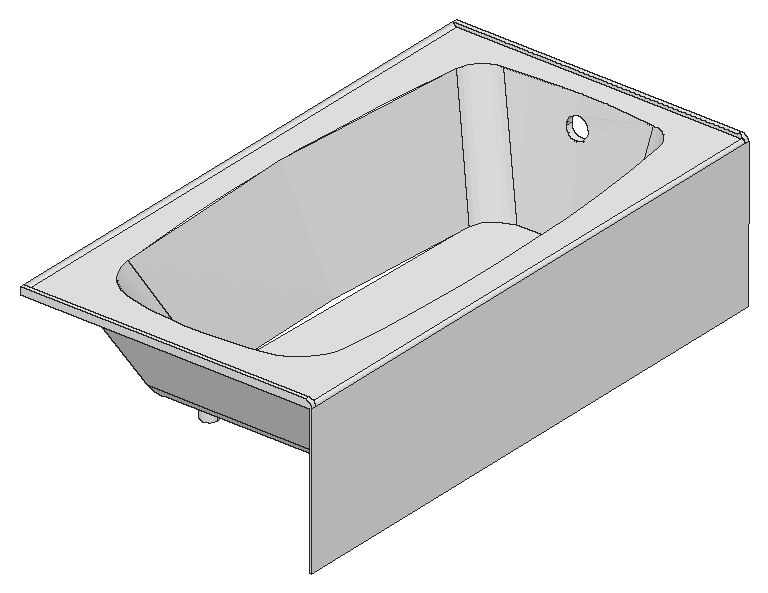
Revit family "Bathtub_Commercial_FBY1525RP_TOTO", category Plumbing Fixtures, host Face, Revit 2013
Parameters
  ecoScorecard_data = " "
  ecoScorecard Product Page = "  "
  Width = 32"
  Waste Connection NPT Radius = Waste Connection NPT / 2  # 1"
  Waste Connection NPT = 2"
  Warranty URL = "http://www.totousa.com/warranty-registration"
  Warranty = "Lifetime Limited Warranty"  # constant formula
  URL = "http://www.totousa.com"
  Toto BIM Number = "BM-00009"  # constant formula
  Subcategory = "Bathtubs"  # constant formula
  Style = "Commercial"  # constant formula
  Spec Sheet URL = "http://assets.totousa.com/product-files/SS-00313_FBY1525LP_RP.pdf"
  Shipping Weight = 397.00 lbf
  Product Page URL = " "
  Owners Manual URL = "  "
  Model = "FBY1525RP"  # constant formula
  Manufacturer Toll Free Phone = "1-888-295-8134"  # constant formula
  Manufacturer Phone = "(770) 282-8686"  # constant formula
  Manufacturer Fax = "(770) 282-0002"  # constant formula
  Manufacturer Email = "mailto:custservice@totousa.com"
  Manufacturer Address = "1155 Southern Road, Morrow, Georgia 30260"  # constant formula
  Manufacturer = "TOTO USA, Inc."  # constant formula
  Height = 17 5/16"
  Finish = Metal - TOTO - Chrome - Polished
  Description = "Enameled Cast Iron Bathtub"  # constant formula
  Depth = 59 3/4"
  Default Elevation = 48"
  Cost Info = "mailto:custservice@totousa.com "
  Color Availability = "#01  Cotton, #12  Sedona Beige"  # constant formula
  CAD Drawing URL = "http://assets.totousa.com/product-files/AD-00161_FBY1525RP.dxf"
  Assembly Code = "D2010510"
  Ambient Temperature = ""
  ADA Compliant = yes
  95 CSI = "15410\r\n15410\r\n15410 "
  04 CSI = "22 42 19"
Reference planes (in)
  plane 1 "Center (Front/Back)": y = 0
  plane 2: z = 0
  plane 3 "Center (Left/Right)": x = 0
Dimensions and locks (in)
  aligned and locked: plane 2 to host face
  aligned and locked: level to host face
  aligned and locked: plane 3 "Center (Left/Right)" to nested 1
  aligned and locked: nested 1 to plane 1 "Center (Front/Back)"
Nested families (in)
  nested 1: "FBY1525RP" at (0, 29.875, 0), type "FBY1525RP"
    with Waste Connection Radius 1", Waste Connection NPT 2"
Connectors (in)
  piping at (0, 22, 0.3125), driven by "Waste Connection NPT Radius"
    settings: on nested 1, index 1, connector radius 1", flow factor 0, pipe flow 0 GPM, pressure drop 0.00 psi, fitting loss kfactor 0, connector angle 0.00°, fixture units 0, engagement length 0", flow configuration 3, flow direction 2, fitting loss method 0, system type 16, joint type 0, gender type 0, connector reference index -1, connector utility 0, adjustable connector no, is connector primary yes, fitting loss table "", connector description "Waste Outlet Connection"
Definition of nested family "FBY1525RP"
  Parameters (values of type "FBY1525RP")
    ecoScorecard_data = ""
    ecoScorecard Product Page = ""
    Waste Connection Radius [instance] = Waste Connection NPT / 2  # 1"
    Waste Connection NPT [instance] = 2"
    Waste Connection = yes
    WFU = 0
    Vent Connection = yes
    URL = "http://www.totousa.com"
    Toto Version = "V.02"  # constant formula
    Toto BIM Number = "BM-00009"  # constant formula
    Subcategory = "Baths"  # constant formula
    Shipping Weight = 397.00 lbf
    Product URL = "http://www.totousa.com/ProductDetail/tabid/75/Default.aspx?ProductId=09a93d19-4914-4892-9a9f-988590e10764&SearchId=19dc3623-2f06-4317-bdc8-9ef9d17bdd1b"
    Nominal Width = 32"  # constant formula
    Nominal Length = 59 3/4"  # constant formula
    Nominal Height = 17 5/16"  # constant formula
    Model = "FBY1525RP"
    Manufacturer = "TOTO USA, Inc."  # constant formula
    HWFU = 0
    HW Connection = no
    Description = "Enameled Cast Iron Bathtub"
    Default Elevation = 0"
    CWFU = 0
    CW Connection = no
    CADworks URL = "http://www.CADworks.net"
    Bathtub Material = Metal - TOTO - Chrome - Polished
    Assembly Code = "D2010510"
    ADA Compliant = yes
  Reference planes (in)
    plane 1 "Wall Closure": y = 0
    plane 2: z = 0
    plane 3 "Center (Left/Right)": x = 0
    plane 4: x = 16
    plane 5: x = -16
    plane 6: y = -7.875
    plane 7: y = -12.875
    plane 8: y = -43.375
    plane 9: x = 8.375
    plane 10: x = -8.375
    plane 11: z = 17.3125
    plane 12: y = -59.75
    plane 13: z = 13.75
    plane 14: y = -5
    plane 15: x = 15.75
    plane 16: y = -29.875
  Forms (in)
    Extrusion 1, solid
      sketch origin (0, 0, 0) x (1, 0, 0) y (0, 1, 0)
        loop
          line (-36, 24) -> (-36, -84) -> (36, -84) -> (36, 24) -> (-36, 24)
      from 0 to -2
    Extrusion 2, solid, material "Metal - TOTO - Chrome - Polished" <- "Bathtub Material", detail levels medium+fine
      sketch origin (0, 0, 0) x (1, 0, 0) y (0, 0, 1)
        loop
          line (-16, 0) -> (16, 0) -> (16, 16.5625)
          arc (16, 16.5625) -> (15.78033, 17.09283) -> (15.25, 17.3125) r 0.75
          line (15.25, 17.3125) -> (-16, 17.3125) -> (-16, 0)
      from 0 to 59.75
    Extrusion 3, void, detail levels medium+fine
      sketch origin (0, 0, 0) x (1, 0, 0) y (0, 0, 1)
        loop
          arc (11.00274, 4.74264) -> (10.20051, 3.15985) -> (8.57707, 2.44343) r 2.63779
          line (8.57707, 2.44343) -> (7.82364, 2.38867)
          arc (7.82364, 2.38867) -> (7.02023, 1.82329) -> (6.06566, 1.5911) r 2.63779
          line (6.06566, 1.5911) -> (-6.07347, 1.5911)
          arc (-6.07347, 1.5911) -> (-7.02804, 1.82329) -> (-7.83145, 2.38867) r 2.63779
          line (-7.83145, 2.38867) -> (-8.58488, 2.44343)
          arc (-8.58488, 2.44343) -> (-10.20832, 3.15985) -> (-11.01055, 4.74264) r 2.63779
          line (-11.01055, 4.74264) -> (-13.37625, 16.5) -> (-16, 16.5) -> (-16, 0) -> (16, 0) -> (16, 0.4) -> (15.75, 0.4) -> (15.75, 16.5) -> (13.39862, 16.5) -> (11.00274, 4.74264)
      from 0 to 59.75
    Extrusion 4, void
      sketch origin (16, 0, 48) x (0, 1, 0) y (0, 0, 1)
        loop
          line (-2.54244, -32.04846) -> (-3.65758, -44.23769)
          arc (-3.65758, -44.23769) -> (-4.53273, -45.96958) -> (-6.35581, -46.6342) r 2.63779
          line (-6.35581, -46.6342) -> (-10.02172, -46.53492) -> (-45.01798, -45.58718)
          arc (-45.01798, -45.58718) -> (-46.99808, -45.03132) -> (-48.47905, -43.60424) r 4.21259
          line (-48.47905, -43.60424) -> (-55.77321, -31.90043)
          arc (-55.77321, -31.90043) -> (-56.01029, -31.64618) -> (-56.32571, -31.5) r 0.90551
          line (-56.32571, -31.5) -> (-59.75, -31.5) -> (-59.75, -48) -> (0, -48) -> (0, -31.5) -> (-2.19225, -31.5)
          arc (-2.19225, -31.5) -> (-2.43402, -31.73166) -> (-2.54244, -32.04846) r 0.70866
      from -0.25 to -32
    SweptBlend 5, void
      path origin (0, 0, 0) x (0, 1, 0) y (0, 0, 1)
        loop
          line (-29.875, 17.3125) -> (-29.875, 3.0625)
      profile origin (0, -29.875, 17.3125) x (1, 0, 0) y (0, 1, 0)
        loop
          arc (12.17808, -20.17319) -> (12.9784, 1.83119) -> (11.19886, 23.77808) r 187.8833
          arc (11.19886, 23.77808) -> (10.2259, 25.67562) -> (8.28623, 26.56164) r 3.25
          arc (8.28623, 26.56164) -> (0, 26.95232) -> (-8.28623, 26.56164) r 88.06888
          arc (-8.28623, 26.56164) -> (-10.2259, 25.67562) -> (-11.19886, 23.77808) r 3.25
          arc (-11.19886, 23.77808) -> (-12.9784, 1.83119) -> (-12.17808, -20.17319) r 187.8833
          arc (-12.17808, -20.17319) -> (-10.69996, -23.55114) -> (-7.50628, -25.39391) r 5.9055
          arc (-7.50628, -25.39391) -> (0, -26.16923) -> (7.50628, -25.39391) r 36.72366
          arc (7.50628, -25.39391) -> (10.69996, -23.55114) -> (12.17808, -20.17319) r 5.9055
      end profile origin (0, -29.875, 3.0625) x (1, 0, 0) y (0, 1, 0)
        loop
          arc (9.27988, -11.79941) -> (9.64682, 5.14022) -> (8.39784, 22.03772) r 177.60061
          arc (8.39784, 22.03772) -> (7.42243, 23.98841) -> (5.4335, 24.88326) r 3.25
          arc (5.4335, 24.88326) -> (0, 25.10238) -> (-5.4335, 24.88326) r 67.47796
          arc (-5.4335, 24.88326) -> (-7.42243, 23.98841) -> (-8.39784, 22.03772) r 3.25
          arc (-8.39784, 22.03772) -> (-9.64682, 5.14022) -> (-9.27988, -11.79941) r 177.60061
          arc (-9.27988, -11.79941) -> (-8.44827, -13.95862) -> (-6.54732, -15.27776) r 3.937
          arc (-6.54732, -15.27776) -> (0, -16.29539) -> (6.54732, -15.27776) r 21.57107
          arc (6.54732, -15.27776) -> (8.44827, -13.95862) -> (9.27988, -11.79941) r 3.937
    Extrusion 6, void
      sketch origin (0, 0, 0) x (0, 1, 0) y (1, 0, 0)
        loop
          circle (-7.875, 0) r 1
      from 0 to -3.0625
    Extrusion 7, solid, material "Metal - TOTO - Chrome - Polished" <- "Bathtub Material", detail levels medium+fine
      sketch origin (0, 0, 0) x (1, 0, 0) y (0, 1, 0)
        loop
          circle (8.375, -43.375) r 0.875
        loop
          circle (-8.375, -43.375) r 0.875
      from 0 to 2.62906
    Extrusion 8, solid, material "Metal - TOTO - Chrome - Polished" <- "Bathtub Material", detail levels medium+fine
      sketch origin (0, 0, 0) x (1, 0, 0) y (0, 1, 0)
        loop
          circle (8.375, -12.875) r 0.875
        loop
          circle (-8.375, -12.875) r 0.875
      from 0 to 2.38867
    Extrusion 9, void, detail levels fine
      sketch origin (0, 0, 0) x (1, 0, 0) y (0, 0, 1)
        loop
          circle (0, 13.75) r 1.1875
      from 0 to 5
    Revolve 10, solid, material "Metal - TOTO - Chrome - Polished" <- "Bathtub Material", detail levels medium+fine
      sketch origin (51, -7.875, 48) x (1, 0, 0) y (0, 0, 1)
        loop
          line (-50, -46.4089) -> (-50, -47.6875) -> (-49.75, -47.6875) -> (-49.75, -46.9375)
          arc (-49.75, -46.9375) -> (-49.59518, -46.56372) -> (-49.2214, -46.4089) r 0.5286
          line (-49.2214, -46.4089) -> (-50, -46.4089)
        axis (-51, -46.4089) -> (-51, -47.6875)
      angle from 0 to 360
    Extrusion 11, void
      sketch origin (51, -7.875, 48) x (-1, 0, 0) y (0, 0, 1)
        loop
          arc (66.625, -31.0625) -> (66.89017, -30.95267) -> (67, -30.6875) r 0.375
          line (67, -30.6875) -> (35, -30.6875) -> (35, -31.4375)
          arc (35, -31.4375) -> (35.10983, -31.17233) -> (35.375, -31.0625) r 0.375
          line (35.375, -31.0625) -> (66.625, -31.0625)
      from 7.4375 to -51.4375
    Extrusion 12, solid, material "Metal - TOTO - Chrome - Polished" <- "Bathtub Material", detail levels coarse
      sketch origin (0, -59.75, 17.3125) x (1, 0, 0) y (0, -1, 0)
        loop
          line (-16, -59.75) -> (16, -59.75) -> (16, 0) -> (-16, 0) -> (-16, -59.75)
      from 17.3125 to 0
  Cuts and joins
    Extrusion 3, Extrusion 4, SweptBlend 5, Extrusion 6, Extrusion 9, Extrusion 11 cuts Extrusion 2
  Lines and regions (in)
    symbolic lines, detail levels medium+fine
      curve 1: arc (-8.39784, -7.83728, 17.3125) -> (-9.64682, -24.73478, 17.3125) -> (-9.27988, -41.67441, 17.3125) r 177.60061
      curve 2: arc (-5.4335, -4.99174, 17.3125) -> (-7.42243, -5.88659, 17.3125) -> (-8.39784, -7.83728, 17.3125) r 3.25
      curve 3: arc (5.4335, -4.99174, 17.3125) -> (0, -4.77262, 17.3125) -> (-5.4335, -4.99174, 17.3125) r 67.47796
      curve 4: arc (8.39784, -7.83728, 17.3125) -> (7.42243, -5.88659, 17.3125) -> (5.4335, -4.99174, 17.3125) r 3.25
      curve 5: arc (8.28623, -3.31336, 17.3125) -> (10.2259, -4.19938, 17.3125) -> (11.19886, -6.09692, 17.3125) r 3.25
      curve 6: arc (9.27988, -41.67441, 17.3125) -> (9.64682, -24.73478, 17.3125) -> (8.39784, -7.83728, 17.3125) r 177.60061
      curve 7: arc (11.19886, -6.09692, 17.3125) -> (12.9784, -28.04381, 17.3125) -> (12.17808, -50.04819, 17.3125) r 187.8833
      curve 8: arc (-8.28623, -3.31336, 17.3125) -> (0, -2.92268, 17.3125) -> (8.28623, -3.31336, 17.3125) r 88.06888
      curve 9: arc (-11.19886, -6.09692, 17.3125) -> (-10.2259, -4.19938, 17.3125) -> (-8.28623, -3.31336, 17.3125) r 3.25
      curve 10: arc (-12.17808, -50.04819, 17.3125) -> (-12.9784, -28.04381, 17.3125) -> (-11.19886, -6.09692, 17.3125) r 187.8833
      curve 11: arc (-9.27988, -41.67441, 17.3125) -> (-8.44827, -43.83362, 17.3125) -> (-6.54732, -45.15276, 17.3125) r 3.937
      curve 12: arc (-6.54732, -45.15276, 17.3125) -> (0, -46.17039, 17.3125) -> (6.54732, -45.15276, 17.3125) r 21.57107
      curve 13: arc (-7.50628, -55.26891, 17.3125) -> (-10.69996, -53.42614, 17.3125) -> (-12.17808, -50.04819, 17.3125) r 5.9055
      curve 14: arc (7.50628, -55.26891, 17.3125) -> (0, -56.04423, 17.3125) -> (-7.50628, -55.26891, 17.3125) r 36.72366
      curve 15: arc (12.17808, -50.04819, 17.3125) -> (10.69996, -53.42614, 17.3125) -> (7.50628, -55.26891, 17.3125) r 5.9055
      curve 16: arc (6.54732, -45.15276, 17.3125) -> (8.44827, -43.83362, 17.3125) -> (9.27988, -41.67441, 17.3125) r 3.937
      curve 17: circle (0, -7.875, 17.3125) r 1 normal (0, 0, -1)
      curve 18: line (-13.37626, -2.19231, 17.3125) -> (13.39862, -2.19231, 17.3125)
      curve 19: line (-13.37626, -56.32571, 17.3125) -> (-13.37626, -2.19231, 17.3125)
      curve 20: line (13.39862, -56.32571, 17.3125) -> (-13.37626, -56.32571, 17.3125)
      curve 21: line (13.39862, -2.19231, 17.3125) -> (13.39862, -56.32571, 17.3125)
      curve 26: spline (-1.18333, -3.40235, 17.3125) -> (-1.16482, -3.35875, 17.3125) -> (-1.0586, -3.31746, 17.3125) -> (-0.87267, -3.28159, 17.3125) -> (-0.62103, -3.25385, 17.3125) -> (-0.32263, -3.23633, 17.3125) -> (0.00007, -3.23034, 17.3125) -> (0.32277, -3.23633, 17.3125) -> (0.62115, -3.25386, 17.3125) -> (0.87277, -3.28161, 17.3125) -> (1.05867, -3.31747, 17.3125) -> (1.16485, -3.35877, 17.3125) -> (1.18331, -3.40237, 17.3125)
      curve 27: line (1.18331, -3.40237, 17.3125) -> (-1.18333, -3.40235, 17.3125)
      curve 28: spline (-1.18333, -3.40235, 17.3125) -> (-1.14573, -3.36075, 17.3125) -> (-1.02899, -3.3219, 17.3125) -> (-0.84118, -3.2885, 17.3125) -> (-0.59527, -3.26284, 17.3125) -> (-0.30825, -3.2467, 17.3125) -> (0.00007, -3.2412, 17.3125) -> (0.30838, -3.24671, 17.3125) -> (0.59539, -3.26285, 17.3125) -> (0.84127, -3.28851, 17.3125) -> (1.02905, -3.32192, 17.3125) -> (1.14575, -3.36077, 17.3125) -> (1.18331, -3.40237, 17.3125)
      curve 29: line (1.1875, -3.3937, 17.3125) -> (-1.1875, -3.3937, 17.3125)
      curve 30: line (15.25, -7.875, 17.3125) -> (-16, -7.875, 17.3125)
      curve 31: line (-16, -7.875, 17.3125) -> (-16, -7.875, 16.5)
      curve 32: line (-16, -7.875, 16.5) -> (15.75, -7.875, 16.5)
      curve 33: line (15.75, -7.875, 16.5) -> (15.75, -7.875, 0.4)
      curve 34: line (15.75, -7.875, 0.4) -> (16, -7.875, 0.4)
      curve 35: line (16, -7.875, 0.4) -> (16, -7.875, 16.5625)
      curve 36: arc (16, -7.875, 16.5625) -> (15.78033, -7.875, 17.09283) -> (15.25, -7.875, 17.3125) r 0.75
      curve 37: line (-11.01055, -7.875, 4.74264) -> (-13.37625, -7.875, 16.5)
      curve 38: arc (-8.58488, -7.875, 2.44343) -> (-10.20832, -7.875, 3.15985) -> (-11.01055, -7.875, 4.74264) r 2.63779
      curve 39: line (-7.83145, -7.875, 2.38867) -> (-8.58488, -7.875, 2.44343)
      curve 40: arc (-6.07347, -7.875, 1.5911) -> (-7.02804, -7.875, 1.82329) -> (-7.83145, -7.875, 2.38867) r 2.63779
      curve 41: line (6.06566, -7.875, 1.5911) -> (-6.07347, -7.875, 1.5911)
      curve 42: arc (7.82364, -7.875, 2.38867) -> (7.02023, -7.875, 1.82329) -> (6.06566, -7.875, 1.5911) r 2.63779
      curve 43: line (8.57707, -7.875, 2.44343) -> (7.82364, -7.875, 2.38867)
      curve 44: arc (11.00274, -7.875, 4.74264) -> (10.20051, -7.875, 3.15985) -> (8.57707, -7.875, 2.44343) r 2.63779
      curve 45: line (13.39862, -7.875, 16.5) -> (11.00274, -7.875, 4.74264)
      curve 46: line (1.25, -7.875, 0.3125) -> (-1.25, -7.875, 0.3125)
      curve 47: line (1.25, -7.875, 0.3125) -> (1.25, -7.875, 1.0625)
      curve 48: arc (1.25, -7.875, 1.0625) -> (1.40482, -7.875, 1.43628) -> (1.7786, -7.875, 1.5911) r 0.5286
      curve 49: line (-1.25, -7.875, 0.3125) -> (-1.25, -7.875, 1.0625)
      curve 50: arc (-1.25, -7.875, 1.0625) -> (-1.40482, -7.875, 1.43628) -> (-1.7786, -7.875, 1.5911) r 0.5286
      curve 51: line (7.5, -7.875, 0) -> (7.5, -7.875, 2.10543)
      curve 52: line (7.5, -7.875, 0) -> (9.25, -7.875, 0)
      curve 53: line (9.25, -7.875, 0) -> (9.25, -7.875, 2.58205)
      curve 54: line (-7.50781, -7.875, 0) -> (-7.50781, -7.875, 2.10543)
      curve 55: line (-7.50781, -7.875, 0) -> (-9.25781, -7.875, 0)
      curve 56: line (-9.25781, -7.875, 0) -> (-9.25781, -7.875, 2.58205)
      curve 57: line (0, -59.3125, 17.3125) -> (0, -0.4375, 17.3125)
      curve 58: line (0, -0.4375, 17.3125) -> (0, 0, 17.3125)
      curve 59: line (0, 0, 17.3125) -> (0, 0, 16.49998)
      curve 60: line (0, 0, 16.49998) -> (0, -59.75, 16.49998)
      curve 61: line (0, -59.75, 16.49998) -> (0, -59.75, 17.3125)
      curve 62: line (0, -59.75, 17.3125) -> (0, -59.3125, 17.3125)
      curve 63: arc (0, -2.19208, 16.49998) -> (0, -2.43384, 16.26833) -> (0, -2.54226, 15.95154) r 0.70859
      curve 64: line (0, -2.54226, 15.95154) -> (0, -3.6615, 3.76331)
      curve 65: arc (0, -3.6615, 3.76331) -> (0, -4.1451, 2.46676) -> (0, -5.21874, 1.59371) r 2.63657
      curve 66: line (0, -5.21874, 1.59371) -> (0, -12, 1.59371)
      curve 67: line (0, -14.675, 1.5911) -> (0, -42.5, 2.34463)
      curve 68: arc (0, -45.01798, 2.41282) -> (0, -46.99806, 2.96869) -> (0, -48.47901, 4.39576) r 4.21257
      curve 69: line (0, -48.47901, 4.39576) -> (0, -55.77321, 16.09955)
      curve 70: arc (0, -55.77321, 16.09955) -> (0, -56.01029, 16.3538) -> (0, -56.32569, 16.49998) r 0.9055
      curve 71: line (0, -59.75, 16.49998) -> (0, -59.75, 0.4)
      curve 72: line (0, -59.75, 0.4) -> (0, -44.25, 0.4)
      curve 73: line (0, -44.25, 2.41282) -> (0, -44.25, 0)
      curve 74: line (0, -44.25, 0) -> (0, -42.5, 0)
      curve 75: line (0, -42.5, 0) -> (0, -42.5, 2.41282)
      curve 76: line (0, -42.5, 0.4) -> (0, -13.75, 0.4)
      curve 77: line (0, -13.75, 2.41282) -> (0, -13.75, 0)
      curve 78: line (0, -13.75, 0) -> (0, -12, 0)
      curve 79: line (0, -12, 0) -> (0, -12, 2.41282)
      curve 80: line (0, -12, 0.4) -> (0, -9.125, 0.4)
      curve 81: line (0, -6.625, 0.309) -> (0, -9.125, 0.309)
      curve 82: line (0, -9.125, 0.309) -> (0, -9.125, 1.10725)
      curve 83: arc (0, -9.125, 1.10725) -> (0, -9.26748, 1.45123) -> (0, -9.61146, 1.59371) r 0.48646
      curve 84: line (0, -6.625, 0.309) -> (0, -6.625, 1.10725)
      curve 85: arc (0, -6.625, 1.10725) -> (0, -6.48252, 1.45123) -> (0, -6.13854, 1.59371) r 0.48646
      curve 86: line (0, -6.625, 0.4) -> (0, 0, 0.4)
      curve 87: line (0, 0, 0.4) -> (0, 0, 16.49998)
      curve 88: line (0, -3.57155, 4.7429) -> (0, -48.69536, 4.7429)
      curve 89: line (0, -4.18486, 2.41282) -> (0, -44.25, 2.41282)
      curve 90: line (0, -13.75, 1.5911) -> (0, -14.675, 1.5911)
      curve 91: line (0, -44.25, 2.41282) -> (0, -45.01798, 2.41282)
    symbolic lines
      curve 22: line (-16, 0, 17.3125) -> (16, 0, 17.3125)
      curve 23: line (-16, -59.75, 17.3125) -> (-16, 0, 17.3125)
      curve 24: line (16, -59.75, 17.3125) -> (-16, -59.75, 17.3125)
      curve 25: line (16, 0, 17.3125) -> (16, -59.75, 17.3125)
    symbolic lines, detail levels coarse
      curve 92: line (-16, -7.875, 17.3125) -> (16, -7.875, 17.3125)
      curve 93: line (-16, -7.875, 0) -> (-16, -7.875, 17.3125)
      curve 94: line (16, -7.875, 0) -> (-16, -7.875, 0)
      curve 95: line (16, -7.875, 17.3125) -> (16, -7.875, 0)
      curve 96: line (0, 0, 17.3125) -> (0, -59.75, 17.3125)
      curve 97: line (0, 0, 0) -> (0, 0, 17.3125)
      curve 98: line (0, -59.75, 0) -> (0, 0, 0)
      curve 99: line (0, -59.75, 17.3125) -> (0, -59.75, 0)
  Dimensions and locks (in)
    locked: plane 6 to Extrusion 6 sketch curve at 0
    locked: plane 3 "Center (Left/Right)" to Extrusion 6 sketch curve at 0
    locked: Extrusion 7 to plane 2 at 2.62906
    locked: plane 10 to Extrusion 8 sketch curve at 0
    locked: plane 9 to Extrusion 8 sketch curve at 0
    locked: Extrusion 8 to plane 2 at 2.38867
    "Nominal Height": plane 11 to plane 2
    locked: plane 6 to plane 1 "Wall Closure" at 7.875
    locked: plane 7 to plane 1 "Wall Closure" at 12.875
    locked: plane 8 to plane 1 "Wall Closure" at 43.375
    "Nominal Length": plane 12 to plane 1 "Wall Closure"
    equal spacing: plane 5, plane 3 "Center (Left/Right)", plane 4, locked at 16 each
    "Nominal Width": plane 5 to plane 4
    locked: plane 13 to plane 11 at 3.5625
    locked: plane 14 to plane 1 "Wall Closure" at 5
    locked: Extrusion 4 sketch curve to plane 11 at 0.8125  (x2)
    locked: Extrusion 4 sketch curve to plane 2 at 1.3658
    locked: Extrusion 4 sketch curve to plane 2 at 2.41282
    plane 10 to plane 3 "Center (Left/Right)" to plane 9 = 8 3/8" locked, 8 3/8" locked
    locked: plane 11 to Extrusion 3 sketch curve at 0.8125  (x2)
    locked: Extrusion 3 sketch curve to plane 4 at 2.60138
    Extrusion 3 sketch curve to Extrusion 3 sketch curve to Extrusion 3 sketch curve to Extrusion 3 sketch curve to plane 5 = 1.75798" locked, 0.75343" locked, 2.42566" locked, 4.98945" locked
    locked: Extrusion 3 sketch curve to plane 2 at 0.4
    Extrusion 3 sketch curve to Extrusion 3 sketch curve to Extrusion 3 sketch curve to Extrusion 3 sketch curve to plane 4 = 1.75798" locked, 0.75343" locked, 2.42566" locked, 4.99726" locked
    locked: plane 15 to plane 4 at 0.25
    "Waste Connection Radius": Revolve 10 sketch curve to Revolve 10 sketch curve
    Revolve 10 sketch curve to Revolve 10 sketch curve to Revolve 10 sketch curve = 0.5286" locked, 1/4" locked
    Revolve 10 sketch curve to Revolve 10 sketch curve to Revolve 10 sketch curve to plane 2 = 0.5286" locked, 3/4" locked, 5/16" locked
    locked: Extrusion 3 sketch curve to plane 5 at 2.62375
    locked: Extrusion 2 sketch curve to plane 4 at 0.75
    locked: plane 11 to Extrusion 2 sketch curve at 0.75
    locked: plane 12 to cut or joined group of Extrusion 2, Extrusion 3, Extrusion 4, SweptBlend 5, Extrusion 6, Extrusion 9, Extrusion 11 at 0.4375
    locked: cut or joined group of Extrusion 2, Extrusion 3, Extrusion 4, SweptBlend 5, Extrusion 6, Extrusion 9, Extrusion 11 to plane 8 at 15.9375
    locked: cut or joined group of Extrusion 2, Extrusion 3, Extrusion 4, SweptBlend 5, Extrusion 6, Extrusion 9, Extrusion 11 to plane 1 "Wall Closure" at 0.4375
    locked: plane 14 to cut or joined group of Extrusion 2, Extrusion 3, Extrusion 4, SweptBlend 5, Extrusion 6, Extrusion 9, Extrusion 11 at 4.5625
    plane 11 to Extrusion 11 sketch curve to Extrusion 11 sketch curve = 3/8" locked, 3/8" locked
    locked: Extrusion 11 sketch curve to plane 4 at 0.375
    locked: Extrusion 11 sketch curve to plane 5 at 0.375
    equal spacing: plane 12, plane 16, plane 1 "Wall Closure"
    "Waste Connection Radius": radius of Extrusion 6 sketch curve
    radius of Extrusion 4 sketch curve = 4.21259"
    radius of Extrusion 4 sketch curve = 2.63779"
    aligned and locked: plane 2 to Extrusion 1
    aligned and locked: level to Extrusion 1
    aligned and locked: Extrusion 6 to SweptBlend 5
    aligned and locked: Extrusion 6 to level
    aligned and locked: cut or joined group of Extrusion 2, Extrusion 3, Extrusion 4, SweptBlend 5, Extrusion 6, Extrusion 9, Extrusion 11 to plane 4
    aligned and locked: level to Extrusion 7
    aligned and locked: level to Extrusion 8
    aligned and locked: cut or joined group of Extrusion 2, Extrusion 3, Extrusion 4, SweptBlend 5, Extrusion 6, Extrusion 9, Extrusion 11 to plane 11
    aligned and locked: cut or joined group of Extrusion 2, Extrusion 3, Extrusion 4, SweptBlend 5, Extrusion 6, Extrusion 9, Extrusion 11 to plane 1 "Wall Closure"
    aligned and locked: plane 12 to cut or joined group of Extrusion 2, Extrusion 3, Extrusion 4, SweptBlend 5, Extrusion 6, Extrusion 9, Extrusion 11
    aligned and locked: plane 1 "Wall Closure" to Extrusion 9
    aligned and locked: plane 14 to Extrusion 9
    aligned and locked: Extrusion 3 to plane 1 "Wall Closure"
    aligned and locked: Extrusion 3 to Extrusion 2
    aligned: Extrusion 3 to Extrusion 2
    aligned and locked: Extrusion 2 to Extrusion 4
    aligned and locked: Extrusion 4 to level
    aligned and locked: Extrusion 4 to plane 1 "Wall Closure"
    aligned and locked: Extrusion 3 sketch curve to level
    aligned and locked: plane 1 "Wall Closure" to Extrusion 4 sketch curve
    aligned and locked: plane 12 to Extrusion 4 sketch curve
    aligned and locked: Extrusion 4 sketch curve to plane 2
    aligned and locked: plane 4 to Extrusion 4 sketch curve
    aligned: plane 2 to level
    aligned and locked: curve 1 to cut or joined group of Extrusion 2, Extrusion 3, Extrusion 4, SweptBlend 5, Extrusion 6, Extrusion 9, Extrusion 11
    aligned and locked: curve 2 to cut or joined group of Extrusion 2, Extrusion 3, Extrusion 4, SweptBlend 5, Extrusion 6, Extrusion 9, Extrusion 11
    aligned and locked: curve 3 to cut or joined group of Extrusion 2, Extrusion 3, Extrusion 4, SweptBlend 5, Extrusion 6, Extrusion 9, Extrusion 11
    aligned and locked: curve 4 to cut or joined group of Extrusion 2, Extrusion 3, Extrusion 4, SweptBlend 5, Extrusion 6, Extrusion 9, Extrusion 11
    aligned and locked: curve 5 to cut or joined group of Extrusion 2, Extrusion 3, Extrusion 4, SweptBlend 5, Extrusion 6, Extrusion 9, Extrusion 11
    aligned and locked: curve 6 to cut or joined group of Extrusion 2, Extrusion 3, Extrusion 4, SweptBlend 5, Extrusion 6, Extrusion 9, Extrusion 11
    aligned and locked: curve 7 to cut or joined group of Extrusion 2, Extrusion 3, Extrusion 4, SweptBlend 5, Extrusion 6, Extrusion 9, Extrusion 11
    aligned and locked: curve 8 to cut or joined group of Extrusion 2, Extrusion 3, Extrusion 4, SweptBlend 5, Extrusion 6, Extrusion 9, Extrusion 11
    aligned and locked: curve 9 to cut or joined group of Extrusion 2, Extrusion 3, Extrusion 4, SweptBlend 5, Extrusion 6, Extrusion 9, Extrusion 11
    aligned and locked: curve 10 to cut or joined group of Extrusion 2, Extrusion 3, Extrusion 4, SweptBlend 5, Extrusion 6, Extrusion 9, Extrusion 11
    aligned and locked: curve 11 to cut or joined group of Extrusion 2, Extrusion 3, Extrusion 4, SweptBlend 5, Extrusion 6, Extrusion 9, Extrusion 11
    aligned and locked: curve 12 to cut or joined group of Extrusion 2, Extrusion 3, Extrusion 4, SweptBlend 5, Extrusion 6, Extrusion 9, Extrusion 11
    aligned and locked: curve 13 to cut or joined group of Extrusion 2, Extrusion 3, Extrusion 4, SweptBlend 5, Extrusion 6, Extrusion 9, Extrusion 11
    aligned and locked: curve 14 to cut or joined group of Extrusion 2, Extrusion 3, Extrusion 4, SweptBlend 5, Extrusion 6, Extrusion 9, Extrusion 11
    aligned and locked: curve 15 to cut or joined group of Extrusion 2, Extrusion 3, Extrusion 4, SweptBlend 5, Extrusion 6, Extrusion 9, Extrusion 11
    aligned and locked: curve 16 to cut or joined group of Extrusion 2, Extrusion 3, Extrusion 4, SweptBlend 5, Extrusion 6, Extrusion 9, Extrusion 11
    aligned and locked: curve 17 to cut or joined group of Extrusion 2, Extrusion 3, Extrusion 4, SweptBlend 5, Extrusion 6, Extrusion 9, Extrusion 11
    aligned and locked: plane 5 to Extrusion 3 sketch curve
    aligned and locked: Extrusion 3 sketch curve to plane 4
    aligned and locked: plane 15 to Extrusion 3 sketch curve
    aligned and locked: cut or joined group of Extrusion 2, Extrusion 3, Extrusion 4, SweptBlend 5, Extrusion 6, Extrusion 9, Extrusion 11 to plane 5
    aligned and locked: cut or joined group of Extrusion 2, Extrusion 3, Extrusion 4, SweptBlend 5, Extrusion 6, Extrusion 9, Extrusion 11 to plane 15
    aligned and locked: Revolve 10 sketch curve to plane 3 "Center (Left/Right)"
    aligned and locked: plane 5 to Extrusion 2 sketch curve
    aligned and locked: plane 11 to Extrusion 2 sketch curve
    aligned and locked: plane 2 to Extrusion 2 sketch curve
    aligned and locked: Extrusion 2 sketch curve to plane 4
    aligned and locked: plane 11 to Extrusion 11 sketch curve
    aligned and locked: plane 4 to Extrusion 11 sketch curve
    aligned and locked: Extrusion 12 sketch curve to cut or joined group of Extrusion 2, Extrusion 3, Extrusion 4, SweptBlend 5, Extrusion 6, Extrusion 9, Extrusion 11  (x4)
    aligned and locked: Extrusion 12 to level
    aligned and locked: Extrusion 12 to cut or joined group of Extrusion 2, Extrusion 3, Extrusion 4, SweptBlend 5, Extrusion 6, Extrusion 9, Extrusion 11
  Automatic sketch dimensions
    plane 1 "Wall Closure" to Extrusion 4 sketch curve = 1.83672"
    Extrusion 4 sketch curve to Extrusion 4 sketch curve = 0.35553"
    Extrusion 4 sketch curve to Extrusion 4 sketch curve = 0.35018"
    Extrusion 4 sketch curve to plane 6 = 1.5906"
    Extrusion 4 sketch curve to plane 6 = 1.51919"
    plane 6 to Extrusion 4 sketch curve = 2.14672"
    Extrusion 4 sketch curve to Extrusion 4 sketch curve = 0.11404"
    Extrusion 4 sketch curve to Extrusion 4 sketch curve = 3.46107"
    Extrusion 4 sketch curve to Extrusion 4 sketch curve = 7.29416"
    Extrusion 4 sketch curve to Extrusion 4 sketch curve = 0.5525"
    Extrusion 4 sketch curve to Extrusion 4 sketch curve = 0.76848"
    Extrusion 4 sketch curve to Extrusion 4 sketch curve = 3.20831"
    level to Extrusion 4 sketch curve = 1.46508"
    Extrusion 4 sketch curve to Extrusion 4 sketch curve = 2.39651"
    Extrusion 4 sketch curve to Extrusion 4 sketch curve = 0.47894"
    Extrusion 4 sketch curve to Extrusion 4 sketch curve = 0.06456"
    Extrusion 1 sketch curve to Extrusion 1 sketch curve = 72"
    Extrusion 1 sketch curve to Extrusion 1 sketch curve = 108"
    plane 7 to Extrusion 8 sketch curve = 0"  (x2)
    Extrusion 9 sketch curve to plane 3 "Center (Left/Right)" = 0"
    Extrusion 9 sketch curve to plane 13 = 0"
    Extrusion 3 sketch curve to plane 10 = 0.01869"
    plane 10 to Extrusion 3 sketch curve = 2.43677"
    plane 9 to Extrusion 3 sketch curve = 2.44458"
    Extrusion 3 sketch curve to plane 9 = 0.01088"
    level to Extrusion 3 sketch curve = 1.5911"
    Extrusion 3 sketch curve to Extrusion 3 sketch curve = 0.79757"  (x2)
    Extrusion 3 sketch curve to Extrusion 3 sketch curve = 0.05476"  (x2)
    Extrusion 3 sketch curve to Extrusion 3 sketch curve = 2.29922"  (x2)
    plane 11 to SweptBlend 5 sketch curve = 0"
    level to SweptBlend 5 sketch curve = 3 1/16"
    SweptBlend 5 sketch curve to plane 8 = 13 1/2"
    SweptBlend 5 sketch curve to plane 3 "Center (Left/Right)" = 0"  (x4)
    SweptBlend 5 sketch curve to plane 3 "Center (Left/Right)" = 6.2992"
    SweptBlend 5 sketch curve to SweptBlend 5 sketch curve = 1.20708"  (x2)
    SweptBlend 5 sketch curve to SweptBlend 5 sketch curve = 0"  (x14)
    SweptBlend 5 sketch curve to plane 3 "Center (Left/Right)" = 7.98045"
    SweptBlend 5 sketch curve to SweptBlend 5 sketch curve = 0.30579"  (x2)
    SweptBlend 5 sketch curve to SweptBlend 5 sketch curve = 3.21841"  (x2)
    SweptBlend 5 sketch curve to SweptBlend 5 sketch curve = 5.87888"  (x2)
    profile plane to SweptBlend 5 sketch curve = 2.35375"
    SweptBlend 5 sketch curve to SweptBlend 5 sketch curve = 162.68021"
    plane 3 "Center (Left/Right)" to SweptBlend 5 sketch curve = 6.2992"
    plane 3 "Center (Left/Right)" to SweptBlend 5 sketch curve = 7.98045"
    profile plane to SweptBlend 5 sketch curve = 19.61309"
    SweptBlend 5 sketch curve to plane 3 "Center (Left/Right)" = 5.1718"
    SweptBlend 5 sketch curve to plane 3 "Center (Left/Right)" = 5.35235"
    SweptBlend 5 sketch curve to SweptBlend 5 sketch curve = 0.2617"  (x2)
    SweptBlend 5 sketch curve to SweptBlend 5 sketch curve = 1.19497"  (x2)
    SweptBlend 5 sketch curve to SweptBlend 5 sketch curve = 3.22604"  (x2)
    SweptBlend 5 sketch curve to SweptBlend 5 sketch curve = 3.92753"  (x2)
    SweptBlend 5 sketch curve to profile plane = 0.51223"
    SweptBlend 5 sketch curve to SweptBlend 5 sketch curve = 158.61361"
    plane 3 "Center (Left/Right)" to SweptBlend 5 sketch curve = 5.1718"
    plane 3 "Center (Left/Right)" to SweptBlend 5 sketch curve = 5.35235"
    profile plane to SweptBlend 5 sketch curve = 11.52649"
    plane 8 to Extrusion 7 sketch curve = 0"  (x2)
    Extrusion 7 sketch curve to plane 10 = 0"
    Extrusion 7 sketch curve to plane 9 = 0"
    plane 1 "Wall Closure" to curve 22 = 0"
    curve 22 to plane 5 = 0"
    curve 24 to plane 4 = 0"
    plane 12 to curve 24 = 0"
    plane 5 to curve 18 = 2.62374"
    curve 29 to plane 3 "Center (Left/Right)" = 1 3/16"
    curve 29 to curve 27 = 0.00417"
    curve 28 to plane 3 "Center (Left/Right)" = 0"
    curve 26 to plane 3 "Center (Left/Right)" = 0"
    plane 3 "Center (Left/Right)" to curve 27 = 1.18331"
    curve 26 to curve 28 = 0.00007"
    curve 28 to curve 26 = 0.00382"
    curve 26 to curve 29 = 0.0003"
    plane 15 to curve 20 = 2.35138"
    curve 19 to plane 12 = 3.42429"
    curve 26 to plane 14 = 1.59763"
    curve 26 to curve 28 = 0"
    curve 29 to curve 26 = 0.00419"
    plane 1 "Wall Closure" to curve 21 = 2.19231"
    Revolve 10 sketch curve to level = 0.31228"
    Revolve 10 sketch curve to Revolve 10 sketch curve = 0.59662"
    curve 93 to level = 0"
    curve 30 to plane 5 = 0"
    curve 56 to level = 0"
    curve 51 to level = 0"
    plane 15 to curve 33 = 0"
    plane 4 to curve 35 = 0"
    plane 4 to curve 94 = 0"
    curve 92 to plane 11 = 0"
    plane 11 to curve 37 = 13/16"
    plane 5 to curve 37 = 2.62375"
    curve 38 to plane 10 = 2.63555"
    curve 56 to plane 10 = 113/128"
    curve 38 to plane 10 = 0.20988"
    curve 38 to plane 10 = 0.01869"
    plane 10 to curve 40 = 0.54355"
    plane 10 to curve 54 = 111/128"
    curve 54 to curve 40 = 1.43434"
    plane 10 to curve 40 = 2.43677"
    curve 50 to plane 3 "Center (Left/Right)" = 1.7786"
    level to curve 49 = 5/16"
    curve 50 to curve 49 = 0.5286"
    plane 3 "Center (Left/Right)" to curve 46 = 1 1/4"
    curve 48 to curve 48 = 0.5286"
    plane 9 to curve 42 = 2.44458"
    plane 9 to curve 41 = 2.30934"
    plane 9 to curve 51 = 7/8"
    curve 51 to curve 43 = 0.32364"
    curve 44 to plane 9 = 0.01088"
    curve 43 to plane 9 = 0.20207"
    curve 52 to plane 9 = 7/8"
    curve 45 to plane 9 = 2.62774"
    plane 15 to curve 45 = 2.35138"
    plane 15 to curve 36 = 1/2"
    level to curve 33 = 0.4"
    curve 46 to curve 48 = 3/4"
    curve 41 to curve 51 = 0.51433"
    curve 40 to curve 54 = 0.51433"
    curve 42 to curve 44 = 0.05476"
    curve 40 to curve 38 = 0.05476"
    curve 43 to curve 53 = 0.13862"
    curve 39 to curve 56 = 0.13862"
    curve 99 to level = 0"
    curve 99 to plane 12 = 0"
    curve 73 to level = 0"
    curve 78 to level = 0"
    curve 60 to plane 1 "Wall Closure" = 0"
    plane 11 to curve 96 = 0"
    curve 61 to curve 62 = 7/16"
    plane 11 to curve 70 = 1.69189"
    curve 70 to plane 12 = 3.20832"
    curve 70 to curve 70 = 0.21598"
    curve 70 to curve 70 = 0.55248"
    plane 8 to curve 88 = 5.32036"
    curve 88 to curve 68 = 0.21635"
    plane 8 to curve 91 = 1.64298"
    plane 8 to curve 68 = 1.5289"
    level to curve 72 = 0.4"
    plane 8 to curve 72 = 7/8"
    curve 74 to plane 8 = 7/8"
    plane 7 to curve 67 = 1.8"
    level to curve 76 = 0.4"
    plane 7 to curve 76 = 7/8"
    curve 66 to plane 7 = 7/8"
    level to curve 83 = 1.10725"
    plane 6 to curve 83 = 1.73646"
    curve 83 to curve 82 = 0.48646"
    level to curve 84 = 0.309"
    curve 84 to plane 6 = 1 1/4"
    plane 14 to curve 65 = 1.28705"
    curve 85 to curve 85 = 0.48646"
    plane 14 to curve 65 = 7/32"
    curve 89 to plane 14 = 0.81514"
    curve 64 to plane 14 = 1.3385"
    curve 64 to curve 88 = 0.08996"
    plane 11 to curve 64 = 1.36096"
    curve 64 to plane 14 = 2.45774"
    curve 63 to curve 63 = 0.35017"
    curve 63 to curve 63 = 0.70564"
    plane 1 "Wall Closure" to curve 58 = 7/16"
    curve 78 to curve 80 = 0.4"
    curve 81 to curve 86 = 0.091"
    curve 76 to curve 90 = 1.1911"
    curve 76 to curve 67 = 1.94463"
    curve 66 to curve 89 = 0.81912"
    curve 69 to curve 88 = 0.34714"
    radius of Extrusion 8 sketch curve = 7/8"  (x2)
    radius of Extrusion 9 sketch curve = 1 3/16"
    radius of Extrusion 7 sketch curve = 7/8"  (x2)
